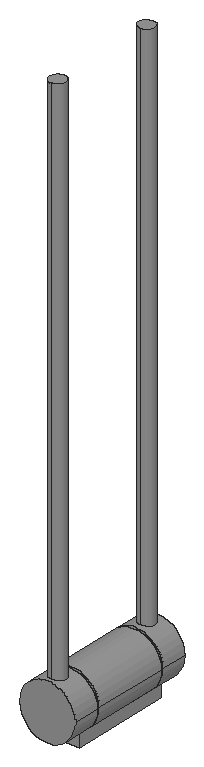
Revit family "KEUCO_14919010000", category Allgemeines Modell, Revit 2016
Family settings
  Teiletyp = Normal
  Kann Basisbauteil für Bewehrung sein = Nein
  Bemaßung runder Anschluss = Durchmesser verwenden
  Arbeitsebenenbasiert = Ja
  Immer vertikal = Nein
  Beim Laden mit Abzugskörper schneiden = Nein
  Gemeinsam genutzt = Nein
  Raumberechnungspunkt = Nein
Parameters (values of type "14919070000")
  Verwendung = "GWC / WP"  # constant formula
  URL = "https://www.keuco.com/de/produkte/sortiment/artikel/?pid=14919&oid=4&pgo=7&country=de&lang=de&vid=14919070000"
  Preisgruppe = ""
  Materialien bei Hersteller anfragen = "Anfrage zu:  objektmanagement@keuco.de"
  Material = Verchromt
  Rail Length = 851 mm
  Kategorie = ""
  Gewicht = 0
  Description = ""  # constant formula
  Default Elevation = 1219.2 mm
  Serie = "Plan"  # constant formula
  Hersteller = "KEUCO"  # constant formula
  Assembly Code = ""
  Ausschreibungstext = "KEUCO PLAN Handtuchhalter 14919070000\r\nHandtuchhalter aus hochwertigem Edelstahl \r\nin ästhetischem, funktionalem Design,\r\nzwei übereinander angeordnete, \r\nunabhängig voneinander seitlich schwenkbare Haltearme, \r\nantistatisch, leicht zu reinigen\r\nHöhe 69 mm, Ausladung 300 mm\r\nDer Handtuchhalter wird verdeckt angebracht\r\nLieferung inkl. korrosionsfreiem Befestigungsmaterial"
  Artikelnummer = "14919070000"
Types (3, lengths in mm): name | URL | Materialien bei Hersteller anfragen | Material | Ausschreibungstext | Artikelnummer
  14919010000 | "https://www.keuco.com/de/produkte/sortiment/artikel/?pid=14919&oid=4&pgo=7&country=de&lang=de&vid=14919010000" | "Request to:  objektmanagement@keuco.de" | Verchromt | "KEUCO PLAN Handtuchhalter 14919010000\r\nHochglanzverchromter Handtuchhalter \r\nin ästhetischem, funktionalem Design\r\nzwei übereinander angeordnete, \r\nunabhängig voneinander seitlich schwenkbare Haltearme, \r\nantistatisch, leicht zu reinigen\r\nHöhe 69 mm, Ausladung 300 mm\r\nDer Handtuchhalter wird verdeckt angebracht\r\nLieferung inkl. korrosionsfreiem Befestigungsmaterial" | "14919010000"
  14919070000 | "https://www.keuco.com/de/produkte/sortiment/artikel/?pid=14919&oid=4&pgo=7&country=de&lang=de&vid=14919070000" | "Anfrage zu:  objektmanagement@keuco.de" | Verchromt | "KEUCO PLAN Handtuchhalter 14919070000\r\nHandtuchhalter aus hochwertigem Edelstahl \r\nin ästhetischem, funktionalem Design,\r\nzwei übereinander angeordnete, \r\nunabhängig voneinander seitlich schwenkbare Haltearme, \r\nantistatisch, leicht zu reinigen\r\nHöhe 69 mm, Ausladung 300 mm\r\nDer Handtuchhalter wird verdeckt angebracht\r\nLieferung inkl. korrosionsfreiem Befestigungsmaterial" | "14919070000"
  14919170000 | "https://www.keuco.com/de/produkte/sortiment/artikel/?pid=14919&oid=4&pgo=7&country=de&lang=de&vid=14919170000" | "Request to:  objektmanagement@keuco.de" | Aluminium 1100-H18 | "KEUCO PLAN Handtuchhalter 14919170000\r\nHandtuchhalter aus silber-eloxiertem Aluminium (E6 EV1)/verchromt \r\nin ästhetischem, funktionalem Design,\r\nzwei übereinander angeordnete, \r\nunabhängig voneinander seitlich schwenkbare Haltearme, \r\nantistatisch, leicht zu reinigen\r\nDie Wandhalterung ist als Design-Element hochglanzverchromt\r\nHöhe 69 mm, Ausladung 300 mm\r\nDer Handtuchhalter wird verdeckt angebracht\r\nLieferung inkl. korrosionsfreiem Befestigungsmaterial" | "14919170000"
Reference planes
  plane 1 "Center (Front/Back)": y = 0
  plane 2: z = 0
  plane 3 "Center (Left/Right)": x = 0
  plane 4: y = -34.5
  plane 5: y = -25.5
  plane 6: z = 300
  plane 7: y = -27.975
  plane 8: y = 34.5
  plane 9: y = 25.5
  plane 10: y = 27.975
  plane 11: y = 19.5
  plane 12: y = -19.5
Forms (mm)
  Extrusion 1, solid, material "Verchromt" <- "Material"
    sketch origin (-9, 0, 0) x (-1, 0, 0) y (0, 0, 1)
      loop
        line (0, 0) -> (0, 6.249)
        arc (0, 6.249) -> (-9, 2.973) -> (-18, 6.249) r 14
        line (-18, 6.249) -> (-18, 0) -> (0, 0)
    from -25.5 to 25.5
  Extrusion 2, solid, material "Verchromt" <- "Material"
    sketch origin (-9, 0, -28.204) x (-1, 0, 0) y (0, 0, 1)
      loop
        circle (-9, 45.177) r 14
    from -34.5 to -20.786
  Extrusion 3, solid, material "Verchromt" <- "Material"
    sketch origin (-9, 0.828, 0) x (0, 1, 0) y (-1, 0, 0)
      loop
        circle (-28.803, -9) r 4
    from 23.662 to 300
  Extrusion 4, solid, material "Verchromt" <- "Material"
    sketch origin (-9, 0, -28.204) x (-1, 0, 0) y (0, 0, -1)
      loop
        circle (-9, -45.177) r 14
    from -34.5 to -20.786
  Extrusion 5, solid, material "Verchromt" <- "Material"
    sketch origin (-9, -0.828, 0) x (0, -1, 0) y (1, 0, 0)
      loop
        circle (-28.803, 9) r 4
    from 23.662 to 300
  Extrusion 6, solid, material "Verchromt" <- "Material"
    sketch origin (-9, 25, -28.204) x (-1, 0, 0) y (0, 0, 1)
      loop
        circle (-9, 45.177) r 14
    from -44.5 to -5.5
Cuts and joins
  joined: Extrusion 2, Extrusion 3
  joined: Extrusion 4, Extrusion 5
Dimensions and locks
  Extrusion 1 sketch curve to Extrusion 1 sketch curve = 18 mm
  plane 6 to plane 2 = 300 mm  (x2)
  plane 8 to plane 11 = 15 mm
  plane 8 to plane 4 = 69 mm
  equal spacing: plane 8, plane 1 "Center (Front/Back)", plane 4
  plane 8 to cut or joined group of Extrusion 4, Extrusion 5 = 13.714 mm
  cut or joined group of Extrusion 2, Extrusion 3 to plane 4 = 13.714 mm
  plane 12 to plane 4 = 15 mm
  aligned and locked: level to plane 2
  aligned and locked: Extrusion 1 to plane 5
  aligned and locked: Extrusion 2 to plane 4
  aligned and locked: plane 6 to cut or joined group of Extrusion 2, Extrusion 3
  aligned and locked: cut or joined group of Extrusion 2, Extrusion 3 to plane 4
  aligned and locked: plane 8 to Extrusion 4
  aligned and locked: plane 11 to Extrusion 6
  aligned and locked: plane 12 to Extrusion 6
  aligned and locked: plane 6 to cut or joined group of Extrusion 4, Extrusion 5
Automatic sketch dimensions
  Extrusion 1 sketch curve to level = 0 mm
  Extrusion 1 sketch curve to plane 3 "Center (Left/Right)" = 0 mm
  plane 3 "Center (Left/Right)" to Extrusion 1 sketch curve = 9 mm
  Extrusion 1 sketch curve to plane 3 "Center (Left/Right)" = 9 mm
  level to Extrusion 1 sketch curve = 6.249 mm
  Extrusion 1 sketch curve to Extrusion 1 sketch curve = 10.724 mm
  Extrusion 2 sketch curve to plane 3 "Center (Left/Right)" = 0 mm
  level to Extrusion 2 sketch curve = 16.973 mm
  Extrusion 3 sketch curve to plane 3 "Center (Left/Right)" = 0 mm
  Extrusion 3 sketch curve to plane 7 = 0 mm
  Extrusion 4 sketch curve to plane 3 "Center (Left/Right)" = 0 mm
  level to Extrusion 4 sketch curve = 16.973 mm
  Extrusion 5 sketch curve to plane 3 "Center (Left/Right)" = 0 mm
  plane 10 to Extrusion 5 sketch curve = 0 mm
  Extrusion 6 sketch curve to plane 3 "Center (Left/Right)" = 0 mm
  level to Extrusion 6 sketch curve = 16.973 mm
  radius of Extrusion 2 sketch curve = 14 mm
  radius of Extrusion 3 sketch curve = 4 mm
  radius of Extrusion 4 sketch curve = 14 mm
  radius of Extrusion 5 sketch curve = 4 mm
  radius of Extrusion 6 sketch curve = 14 mm
